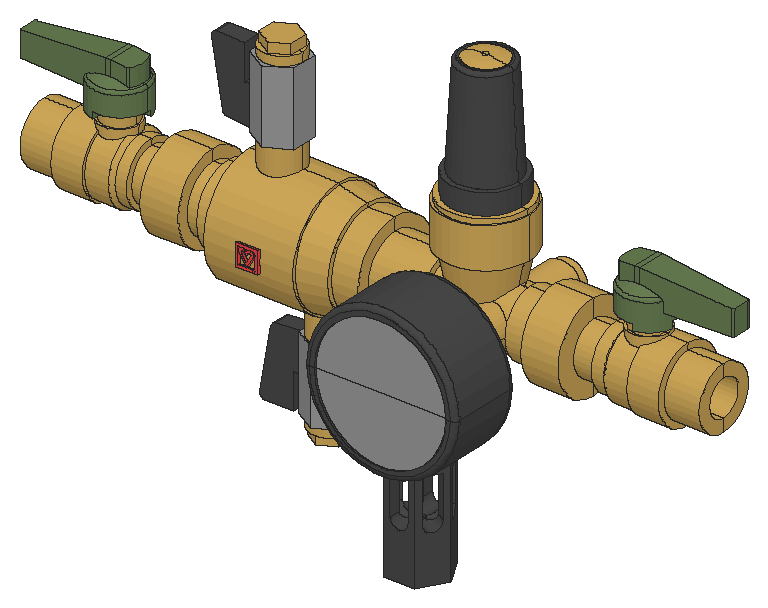
Revit family "Systemtrenner Nachfüll 0305", category Rohrzubehör, Revit 2020
Family settings
  Bemaßung runder Anschluss = Durchmesser verwenden
  Teiletyp = Unterbricht
  OmniClass-Nummer = 23.65.55.14
  OmniClass-Titel = Valves for Liquid Services
  Arbeitsebenenbasiert = Nein
  Immer vertikal = Ja
  Beim Laden mit Abzugskörper schneiden = Nein
  Gemeinsam genutzt = Nein
Parameters
  Vorgabe-Ansicht = 0.000 mm
  Voreingestellter Druck (werkseitig) = 150000.0 Pa  # constant formula
  W02 = 80.00°  # constant formula
  W01 = 45.00°  # constant formula
  URL = "www.herz-armaturen.at"
  SC_NennweiteBerechnet = 0
  SC_Dimension = ""
  SCTWSEQ = "AW;SBT_TYP_AW=\"104\";2"
  SCTWCODE = "04;12;02"  # constant formula
  S08 = 65.000 mm  # constant formula
  S07 = 75.000 mm  # constant formula
  S06 = 27.000 mm  # constant formula
  S05 = 8.000 mm  # constant formula
  S04 = 20.000 mm  # constant formula
  S03 = 40.000 mm  # constant formula
  S02 [instance] = L17 + L18 + L19 + L20 + L21  # 74.900 mm
  S01 [instance] = D02 - 2.000 mm  # 13.200 mm
  R08 = 8.500 mm  # constant formula
  R07 = 31.000 mm  # constant formula
  R06 = 7.300 mm  # constant formula
  R05 = 6.500 mm  # constant formula
  R04 = 7.500 mm  # constant formula
  R03 = 8.500 mm  # constant formula
  R02 = 7.000 mm  # constant formula
  R01 = 8.000 mm  # constant formula
  Nennweite [instance] = 15.000 mm
  Medium = "Wasser"  # constant formula
  Max. Betriebstemperatur (Kurzzeitig) = 85 °C  # constant formula
  Max. Betriebstemperatur = 65 °C  # constant formula
  Max. Betriebsdruck = 1000000.0 Pa  # constant formula
  L29 = 28.800 mm  # constant formula
  L28 = 85.300 mm  # constant formula
  L27 = 44.500 mm  # constant formula
  L26 = 48.500 mm  # constant formula
  L25 = 28.600 mm  # constant formula
  L24 = 10.100 mm  # constant formula
  L23 = 34.000 mm  # constant formula
  L22 = 22.000 mm  # constant formula
  L21 = 11.000 mm  # constant formula
  L20 = 12.000 mm  # constant formula
  L19 = 36.700 mm  # constant formula
  L18 = 8.700 mm  # constant formula
  L17 = 6.500 mm  # constant formula
  L16 = 70.500 mm  # constant formula
  L15 = 18.800 mm  # constant formula
  L14 = 30.000 mm  # constant formula
  L13 = 8.700 mm  # constant formula
  L12 = 4.800 mm  # constant formula
  L11 = 4.000 mm  # constant formula
  L10 = 23.300 mm  # constant formula
  L09 = 26.200 mm  # constant formula
  L08 = 15.500 mm  # constant formula
  L07 [instance] = size_lookup("0305_", "L7", 1.000 mm, Nennweite)  # 53.500 mm
  L06 [instance] = size_lookup("0305_", "L6", 1.000 mm, Nennweite)  # 30.700 mm
  L05 = 4.800 mm  # constant formula
  L04 = 10.000 mm  # constant formula
  L03 = 13.000 mm  # constant formula
  L02 [instance] = size_lookup("0305_", "L2", 1.000 mm, Nennweite)  # 14.600 mm
  L01 [instance] = size_lookup("0305_", "L1", 1.000 mm, Nennweite)  # 56.000 mm
  L00 [instance] = size_lookup("0305_", "L", 1.000 mm, Nennweite)  # 139.500 mm
  IG [instance] = Nennweite / 2  # 7.500 mm
  Hinweis = "Gemäß Art 33 der REACH-Verordnung (EG Nr. 1907/2006) sind wir verpflichtet, darauf hinzuweisen, dass der Stoff Blei auf der SVHC-Liste geführt wird und dass alle aus Messing bestehenden Bauteile, die in unseren Erzeugnissen verarbeitet sind, mehr als 0,1 % (w/w) Blei (CAS: 7439-92-1 / EINECS: 231-100-4) enthalten.\r\nDa Blei als Legierungsbestandteil fest gebunden ist, sind keine Expositionen zu erwarten und daher sind keine zusätzlichen Angaben zur sicheren Verwendung notwendig."
  Hersteller = "HERZ Armaturen Ges.m.b.H."  # constant formula
  Gehäuse = "Messing, CW617N"  # constant formula
  GT [instance] = size_lookup("0305_", "GT", 1.000 mm, Nennweite)  # 12.500 mm
  Einbaulage = "waagerecht"  # constant formula
  Dichtungen = "EPDM entsprechend KTW"  # constant formula
  D18 = 92.300 mm  # constant formula
  D17 = 66.500 mm  # constant formula
  D16 = 66.700 mm  # constant formula
  D15 = 12.200 mm  # constant formula
  D14 = 14.200 mm  # constant formula
  D13 = 19.200 mm  # constant formula
  D12 = 22.800 mm  # constant formula
  D11 = 23.700 mm  # constant formula
  D10 = 16.300 mm  # constant formula
  D09 = 13.500 mm  # constant formula
  D08 = 18.000 mm  # constant formula
  D07 = 22.000 mm  # constant formula
  D06 = 16.000 mm  # constant formula
  D05 = 10.600 mm  # constant formula
  D04 = 12.900 mm  # constant formula
  D03 = 14.400 mm  # constant formula
  D02 = 15.200 mm  # constant formula
  D01 [instance] = size_lookup("0305_", "D1", 1.000 mm, Nennweite)  # 12.600 mm
  Bestellnummer [instance] = if(Nennweite = 15.000 mm, "I030501", if(Nennweite = 20.000 mm, "I030502", "0"))  # "I030501"
  Ausgangsdruck (regelbar) = "0.5-3 bar"  # constant formula
  Anwendung = "Systemtrenner haben gemäß EN 1717 die Aufgabe ein Rückdrücken, Rückfließen oder Rücksaugen von verschmutztem Wasser in das Trinkwassernetz zu verhindern.\r\nDer Einsatzbereich ist überall dort wo eine Verbindung zwischen dem Trinkwassernetz und Nutzwasser durch feste oder flexible Leitungen hergestellt wird.\r\nBevorzugte Anwendungsgebiete sind Enthärtungs-, Entsäuerungs- und Entkarbonisierungsanlagen.\r\nAußerdem können die Systemtrenner in Desinfektionsanlagen oder vor chemischen Reinigungsapparaten eingesetzt werden um das Rückfließen von chemisch belastetem Wasser zu verhindern."
Reference planes
  plane 1 "Mitte (Vorne/hinten)": y = 0
  plane 2: z = 0
  plane 3 "Mitte (Links/rechts)": x = 0
Forms (mm)
  Revolve 1, solid, material "Messing, weicher Gelbton, geschweißt", detail levels fine
    sketch origin (0, 0, 0) x (1, 0, 0) y (0, 0, 1)
      loop
        line (-127, 0) -> (-83.5, 0) -> (-83.5, 10.6) -> (-95.6, 10.6) -> (-95.6, 12.9) -> (-100.4, 12.9) -> (-101.9, 14.4) -> (-111.9, 14.4) -> (-111.9, 15.2) -> (-124.9, 15.2) -> (-124.9, 12.6) -> (-139.5, 12.6) -> (-139.5, 7.5) -> (-127, 7.5) -> (-127, 0)
      axis (-139.5, 0) -> (-83.5, 0)
    angle from 0 to 360
  Revolve 2, solid, material "Messing, weicher Gelbton, geschweißt", detail levels fine
    sketch origin (0, 0, 0) x (1, 0, 0) y (0, 0, 1)
      loop
        line (-100.8, 0) -> (-100.8, 16) -> (-101.8, 16) -> (-101.8, 22) -> (-108.8, 22) -> (-108.8, 0) -> (-100.8, 0)
      axis (-108.8, 22) -> (-108.8, 0)
    angle from 0 to 360
  Revolve 3, solid, material "Messing, weicher Gelbton, geschweißt", detail levels fine
    sketch origin (0, 0, 0) x (-1, 0, 0) y (0, 0, 1)
      loop
        line (-127, 0) -> (-83.5, 0) -> (-83.5, 10.6) -> (-95.6, 10.6) -> (-95.6, 12.9) -> (-100.4, 12.9) -> (-101.9, 14.4) -> (-111.9, 14.4) -> (-111.9, 15.2) -> (-124.9, 15.2) -> (-124.9, 12.6) -> (-139.5, 12.6) -> (-139.5, 7.5) -> (-127, 7.5) -> (-127, 0)
      axis (-139.5, 0) -> (-83.5, 0)
    angle from 0 to 360
  Revolve 4, solid, material "Messing, weicher Gelbton, geschweißt", detail levels fine
    sketch origin (0, 0, 0) x (-1, 0, 0) y (0, 0, 1)
      loop
        line (-100.8, 0) -> (-100.8, 16) -> (-101.8, 16) -> (-101.8, 22) -> (-108.8, 22) -> (-108.8, 0) -> (-100.8, 0)
      axis (-108.8, 22) -> (-108.8, 0)
    angle from 0 to 360
  Revolve 5, solid, material "Kunststoff GRÜN", detail levels fine
    sketch origin (-98.3, 0, 19.6) x (1, 0, 0) y (0, 0, 1)
      loop
        line (-10.5, 0) -> (0.9, 0) -> (0.9, 10.964)
        arc (0.9, 10.964) -> (0.673, 11.758) -> (0.059, 12.311) r 1.5
        line (0.059, 12.311) -> (-8.5, 16.5) -> (-10.5, 16.5) -> (-10.5, 0)
      axis (-10.5, 16.5) -> (-10.5, 0)
    angle from 0 to 360
  Extrusion 6, void
    sketch origin (-98.3, 0, 0) x (1, 0, 0) y (0, 1, 0)
      loop
        arc (-8.4, 11.205) -> (-18.561, 8.061) -> (-21.705, -2.1) r 11.4
        line (-21.705, -2.1) -> (-17.178, -2.1)
        arc (-17.178, -2.1) -> (-15.45, -4.95) -> (-12.6, -6.678) r 7
        line (-12.6, -6.678) -> (-12.6, -11.205)
        arc (-12.6, -11.205) -> (-2.439, -8.061) -> (0.705, 2.1) r 11.4
        line (0.705, 2.1) -> (-3.822, 2.1)
        arc (-3.822, 2.1) -> (-5.55, 4.95) -> (-8.4, 6.678) r 7
        line (-8.4, 6.678) -> (-8.4, 11.205)
    from 19.6 to 22.3
  Extrusion 7, solid, material "Kunststoff GRÜN", detail levels fine
    sketch origin (-98.3, 0, 0) x (1, 0, 0) y (0, 1, 0)
      loop
        line (-48.5, 3.242) -> (-48.5, -3.242)
        arc (-48.5, -3.242) -> (-48.281, -3.792) -> (-47.743, -4.041) r 0.8
        line (-47.743, -4.041) -> (-11.5, -5.987) -> (-9.5, -5.987) -> (-3.01, -5.535)
        arc (-3.01, -5.535) -> (-2.552, -5.387) -> (-2.216, -5.042) r 1
        arc (-2.216, -5.042) -> (-0.852, 0) -> (-2.216, 5.042) r 10
        arc (-2.216, 5.042) -> (-2.552, 5.387) -> (-3.01, 5.535) r 1
        line (-3.01, 5.535) -> (-9.5, 5.987) -> (-10.5, 5.987) -> (-11.5, 5.987) -> (-47.743, 4.041)
        arc (-47.743, 4.041) -> (-48.281, 3.792) -> (-48.5, 3.242) r 0.8
    from 26.6 to 40.1
  Extrusion 8, void
    sketch origin (-108.8, 0, 0) x (1, 0, 0) y (0, 0, 1)
      loop
        line (1, 40.1) -> (10.462, 39.272) -> (10.462, 41.682) -> (-40.279, 41.682) -> (-40.279, 36.664) -> (-1, 40.1) -> (0, 40.1) -> (1, 40.1)
    from 8 to -8
  Revolve 9, solid, material "Kunststoff GRÜN", detail levels fine
    sketch origin (98.3, 0, 19.6) x (-1, 0, 0) y (0, 0, -1)
      loop
        line (-10.5, 0) -> (-10.5, -16.5) -> (-8.5, -16.5) -> (0.059, -12.311)
        arc (0.059, -12.311) -> (0.673, -11.758) -> (0.9, -10.964) r 1.5
        line (0.9, -10.964) -> (0.9, 0) -> (-10.5, 0)
      axis (-10.5, -16.5) -> (-10.5, 0)
    angle from 0 to 360
  Extrusion 10, void
    sketch origin (98.3, 0, 0) x (-1, 0, 0) y (0, -1, 0)
      loop
        line (-8.4, -11.205) -> (-8.4, -6.678)
        arc (-8.4, -6.678) -> (-5.55, -4.95) -> (-3.822, -2.1) r 7
        line (-3.822, -2.1) -> (0.705, -2.1)
        arc (0.705, -2.1) -> (-2.439, 8.061) -> (-12.6, 11.205) r 11.4
        line (-12.6, 11.205) -> (-12.6, 6.678)
        arc (-12.6, 6.678) -> (-15.45, 4.95) -> (-17.178, 2.1) r 7
        line (-17.178, 2.1) -> (-21.705, 2.1)
        arc (-21.705, 2.1) -> (-18.561, -8.061) -> (-8.4, -11.205) r 11.4
    from 19.6 to 22.3
  Extrusion 11, solid, material "Kunststoff GRÜN", detail levels fine
    sketch origin (98.3, 0, 0) x (-1, 0, 0) y (0, -1, 0)
      loop
        arc (-48.5, -3.242) -> (-48.281, -3.792) -> (-47.743, -4.041) r 0.8
        line (-47.743, -4.041) -> (-11.5, -5.987) -> (-10.5, -5.987) -> (-9.5, -5.987) -> (-3.01, -5.535)
        arc (-3.01, -5.535) -> (-2.552, -5.387) -> (-2.216, -5.042) r 1
        arc (-2.216, -5.042) -> (-0.852, 0) -> (-2.216, 5.042) r 10
        arc (-2.216, 5.042) -> (-2.552, 5.387) -> (-3.01, 5.535) r 1
        line (-3.01, 5.535) -> (-9.5, 5.987) -> (-11.5, 5.987) -> (-47.743, 4.041)
        arc (-47.743, 4.041) -> (-48.281, 3.792) -> (-48.5, 3.242) r 0.8
        line (-48.5, 3.242) -> (-48.5, -3.242)
    from 26.6 to 40.1
  Extrusion 12, void
    sketch origin (108.8, 0, 0) x (-1, 0, 0) y (0, 0, -1)
      loop
        line (1, -40.1) -> (0, -40.1) -> (-1, -40.1) -> (-40.279, -36.664) -> (-40.279, -41.682) -> (10.462, -41.682) -> (10.462, -39.272) -> (1, -40.1)
    from 8 to -8
  Revolve 13, solid, material "Messing, weicher Gelbton, geschweißt", detail levels fine
    sketch origin (0, 0, 0) x (1, 0, 0) y (0, 0, 1)
      loop
        line (-86, 0) -> (-70.5, 0) -> (-70.5, 18) -> (-86, 18) -> (-86, 0)
      axis (-86, 0) -> (-70.5, 0)
    angle from 0 to 360
  Revolve 14, solid, material "Messing, weicher Gelbton, geschweißt", detail levels fine
    sketch origin (0, 0, 0) x (-1, 0, 0) y (0, 0, 1)
      loop
        line (-86, 0) -> (-70.5, 0) -> (-70.5, 18) -> (-86, 18) -> (-86, 0)
      axis (-86, 0) -> (-70.5, 0)
    angle from 0 to 360
  Revolve 15, solid, material "Messing, weicher Gelbton, geschweißt", detail levels fine
    sketch origin (0, 0, 0) x (1, 0, 0) y (0, 1, 0)
      loop
        line (59.2, 26.2) -> (59.2, 30.2) -> (51.7, 30.2) -> (51.7, -28.1) -> (58.2, -28.1) -> (58.2, -23.3) -> (60.2, -23.3) -> (60.2, 26.2) -> (59.2, 26.2)
      axis (51.7, 30.2) -> (51.7, -28.1)
    angle from 0 to 360
  Revolve 16, solid, material "Kunststoff - SCHWARZ", detail levels fine
    sketch origin (0, 0, 0) x (1, 0, 0) y (0, 1, 0)
      loop
        line (51.7, -28.1) -> (51.7, -64.8) -> (78.7, -64.8) -> (78.7, -66.8) -> (80.7, -66.8)
        arc (80.7, -66.8) -> (82.114, -66.214) -> (82.7, -64.8) r 2
        line (82.7, -64.8) -> (82.7, -38.8)
        arc (82.7, -38.8) -> (82.114, -37.386) -> (80.7, -36.8) r 2
        line (80.7, -36.8) -> (59, -36.8) -> (59, -28.1) -> (51.7, -28.1)
      axis (51.7, -28.1) -> (51.7, -66.8)
    angle from 0 to 360
  Revolve 17, solid, material "Messing, weicher Gelbton, geschweißt", detail levels fine
    sketch origin (0, 0, 0) x (1, 0, 0) y (0, 0, 1)
      loop
        line (-70.5, 0) -> (70.5, 0) -> (70.5, 13.5) -> (60.4, 13.5) -> (60.4, 12.2) -> (26.4, 12.2) -> (26.4, 14.2) -> (4.4, 14.2) -> (4.4, 19.2) -> (-6.6, 19.2) -> (-6.6, 20.684) -> (-18.6, 22.8) -> (-18.6, 23.7) -> (-55.3, 23.7) -> (-55.3, 16.3) -> (-64, 16.3) -> (-64, 13.5) -> (-70.5, 13.5) -> (-70.5, 0)
      axis (-70.5, 0) -> (70.5, 0)
    angle from 0 to 360
  Revolve 18, solid, material "Messing, weicher Gelbton, geschweißt", detail levels fine
    sketch origin (0, 0, 0) x (1, 0, 0) y (0, 0, 1)
      loop
        line (-41.9, 0) -> (-33.4, 0) -> (-33.4, 66.7) -> (-41.9, 66.7) -> (-41.9, 0)
      axis (-41.9, 0) -> (-41.9, 66.7)
    angle from 0 to 360
  Revolve 19, solid, material "Messing, weicher Gelbton, geschweißt", detail levels fine
    sketch origin (0, 0, 0) x (1, 0, 0) y (0, 0, -1)
      loop
        line (-22, 0) -> (-13.5, 0) -> (-13.5, 66.7) -> (-22, 66.7) -> (-22, 0)
      axis (-22, 0) -> (-22, 66.7)
    angle from 0 to 360
  Extrusion 20, solid, material "Messing, weicher Gelbton, geschweißt", detail levels fine
    sketch origin (0, 0, 0) x (1, 0, 0) y (0, 1, 0)
      loop
        line (-41.9, 7.5) -> (-48.395, 3.75) -> (-48.395, -3.75) -> (-41.9, -7.5) -> (-35.405, -3.75) -> (-35.405, 3.75) -> (-41.9, 7.5)
    from 66.7 <- "D16" to 70.7
  Extrusion 21, solid, material "Messing, weicher Gelbton, geschweißt", detail levels fine
    sketch origin (0, 0, 0) x (1, 0, 0) y (0, 1, 0)
      loop
        line (-22, 7.5) -> (-28.495, 3.75) -> (-28.495, -3.75) -> (-22, -7.5) -> (-15.505, -3.75) -> (-15.505, 3.75) -> (-22, 7.5)
    from -70.7 to -66.7
  Extrusion 22, solid, material "Aluminium 3003-H16", detail levels fine
    sketch origin (0, 0, 0) x (1, 0, 0) y (0, 1, 0)
      loop
        line (-41.9, 10.5) -> (-50.993, 5.25) -> (-50.993, -5.25) -> (-41.9, -10.5) -> (-32.807, -5.25) -> (-32.807, 5.25) -> (-41.9, 10.5)
    from 33.3 to 63.3
  Extrusion 23, solid, material "Aluminium 3003-H16", detail levels fine
    sketch origin (0, 0, 0) x (1, 0, 0) y (0, 1, 0)
      loop
        line (-22, 10.5) -> (-31.093, 5.25) -> (-31.093, -5.25) -> (-22, -10.5) -> (-12.907, -5.25) -> (-12.907, 5.25) -> (-22, 10.5)
    from -63.3 to -33.3
  Extrusion 24, solid, material "Kunststoff - SCHWARZ", detail levels fine
    sketch origin (0, 0, 0) x (1, 0, 0) y (0, 0, 1)
      loop
        line (-31.093, -33.8) -> (-41.854, -34.675)
        arc (-41.854, -34.675) -> (-43.039, -35.189) -> (-43.662, -36.321) r 2
        line (-43.662, -36.321) -> (-48.186, -61.952)
        arc (-48.186, -61.952) -> (-47.748, -63.585) -> (-46.216, -64.3) r 2
        line (-46.216, -64.3) -> (-34.4, -64.3) -> (-34.4, -49.8) -> (-22, -49.8) -> (-22, -33.8) -> (-31.093, -33.8)
    from -3.5 to 3.5
  Extrusion 25, solid, material "Kunststoff - SCHWARZ", detail levels fine
    sketch origin (-20, 0, 0) x (1, 0, 0) y (0, 0, 1)
      loop
        line (-31.093, 33.8) -> (-22, 33.8) -> (-22, 49.8) -> (-34.4, 49.8) -> (-34.4, 64.3) -> (-46.216, 64.3)
        arc (-46.216, 64.3) -> (-47.748, 63.585) -> (-48.186, 61.952) r 2
        line (-48.186, 61.952) -> (-43.662, 36.321)
        arc (-43.662, 36.321) -> (-43.039, 35.189) -> (-41.854, 34.675) r 2
        line (-41.854, 34.675) -> (-31.093, 33.8)
    from -3.5 to 3.5
  Revolve 26, solid, material "Messing, weicher Gelbton, geschweißt", detail levels fine
    sketch origin (0, 0, 0) x (1, 0, 0) y (0, 0, 1)
      loop
        line (-26, 0) -> (9.709, -35.709) -> (14.517, -30.901) -> (13.103, -29.486) -> (14.164, -28.426) -> (11.335, -25.597) -> (12.042, -24.89) -> (-19.424, 6.576) -> (-26, 0)
      axis (-26, 0) -> (9.709, -35.709)
    angle from 0 to 360
  Revolve 27, solid, material "Messing, weicher Gelbton, geschweißt", detail levels fine
    sketch origin (0, 0, 0) x (1, 0, 0) y (0, 0, 1)
      loop
        line (14.8, -48) -> (14.8, -66.5) -> (21.3, -66.5) -> (21.3, -65.5) -> (24.6, -65.5) -> (24.6, -54) -> (23.1, -54) -> (23.1, -50) -> (21.6, -50) -> (21.6, -48) -> (14.8, -48)
      axis (14.8, -48) -> (14.8, -66.5)
    angle from 0 to 360
  SweptBlend 28, solid, material "Messing, weicher Gelbton, geschweißt", detail levels fine
    path origin (0, 0, 0) x (1, 0, 0) y (0, 0, 1)
      loop
        arc (14.8, -48) -> (13.5, -41.338) -> (9.709, -35.709) r 17.079
    profile origin (14.8, 0, -48) x (-0.999973, 0, 0.007372) y (0, -1, 0)
      loop
        circle (0, 0) r 6.8
    end profile origin (9.709, 0, -35.709) x (-0.701878, 0, -0.712297) y (0, -1, 0)
      loop
        circle (0, 0) r 6.8
  Extrusion 29, solid, material "Kunststoff - SCHWARZ", detail levels fine
    sketch origin (1.983, -7.4, 0) x (0.866025, 0.5, 0) y (-0.5, 0.866025, 0)
      loop
        line (14.8, 12.5) -> (3.975, 6.25) -> (3.975, -6.25) -> (14.8, -12.5) -> (25.625, -6.25) -> (25.625, 6.25) -> (14.8, 12.5)
    from -107 to -58
  Extrusion 30, void
    sketch origin (0, 0, 0) x (1, 0, 0) y (0, 0, 1)
      loop
        line (11.05, -66.5) -> (11.05, -84.05)
        arc (11.05, -84.05) -> (14.8, -87.8) -> (18.55, -84.05) r 3.75
        line (18.55, -84.05) -> (18.55, -66.5) -> (11.05, -66.5)
    from 1 to 12
  Extrusion 31, void
    sketch origin (22.2, 12.817, 0) x (-0.5, -0.866025, 0) y (0, 0, -1)
      loop
        line (11.05, 66.5) -> (18.55, 66.5) -> (18.55, 84.05)
        arc (18.55, 84.05) -> (14.8, 87.8) -> (11.05, 84.05) r 3.75
        line (11.05, 84.05) -> (11.05, 66.5)
    from -12 to -1
  Extrusion 32, void
    sketch origin (22.2, -12.817, 0) x (-0.5, 0.866025, 0) y (0, 0, 1)
      loop
        line (11.05, -66.5) -> (11.05, -84.05)
        arc (11.05, -84.05) -> (14.8, -87.8) -> (18.55, -84.05) r 3.75
        line (18.55, -84.05) -> (18.55, -66.5) -> (11.05, -66.5)
    from -12 to -1
  Extrusion 33, void
    sketch origin (0, 0, 0) x (1, 0, 0) y (0, 0, 1)
      loop
        line (11.05, -66.5) -> (11.05, -84.05)
        arc (11.05, -84.05) -> (14.8, -87.8) -> (18.55, -84.05) r 3.75
        line (18.55, -84.05) -> (18.55, -66.5) -> (11.05, -66.5)
    from -12 to -1
  Extrusion 34, void
    sketch origin (22.2, -12.817, 0) x (-0.5, 0.866025, 0) y (0, 0, -1)
      loop
        line (11.05, 66.5) -> (18.55, 66.5) -> (18.55, 84.05)
        arc (18.55, 84.05) -> (14.8, 87.8) -> (11.05, 84.05) r 3.75
        line (11.05, 84.05) -> (11.05, 66.5)
    from -12 to -1
  Extrusion 35, void
    sketch origin (22.2, 12.817, 0) x (-0.5, -0.866025, 0) y (0, 0, 1)
      loop
        line (11.05, -66.5) -> (11.05, -84.05)
        arc (11.05, -84.05) -> (14.8, -87.8) -> (18.55, -84.05) r 3.75
        line (18.55, -84.05) -> (18.55, -66.5) -> (11.05, -66.5)
    from -12 to -1
  Extrusion 36, void
    sketch origin (0, 0, 0) x (1, 0, 0) y (0, 1, 0)
      loop
        circle (14.8, 0) r 2
    from -88.4 to -66.5
  Revolve 37, solid, material "Messing, weicher Gelbton, geschweißt", detail levels fine
    sketch origin (0, 0, 0) x (1, 0, 0) y (0, 0, 1)
      loop
        line (41.7, 0) -> (52.967, 0) -> (57.7, 22.6) -> (59.7, 22.6) -> (59.7, 39.2) -> (58.9, 39.2) -> (58.9, 41.2) -> (41.7, 41.2) -> (41.7, 0)
      axis (41.7, 41.2) -> (41.7, 0)
    angle from 0 to 360
  Revolve 38, solid, material "Kunststoff - SCHWARZ", detail levels fine
    sketch origin (0, 0, 0) x (1, 0, 0) y (0, 0, 1)
      loop
        line (41.7, 41.2) -> (56.7, 41.2) -> (56.7, 49.7) -> (54.7, 49.7) -> (52.769, 89.772)
        arc (52.769, 89.772) -> (52.305, 90.786) -> (51.271, 91.2) r 1.5
        line (51.271, 91.2) -> (41.7, 91.2) -> (41.7, 41.2)
      axis (41.7, 91.2) -> (41.7, 41.2)
    angle from 0 to 360
  Revolve 39, solid, material "Messing, weicher Gelbton, geschweißt", detail levels fine
    sketch origin (0, 0, 0) x (1, 0, 0) y (0, 0, 1)
      loop
        line (41.7, 90.224) -> (50.2, 90.224) -> (50.2, 91.262)
        arc (50.2, 91.262) -> (46.695, 92.029) -> (43.118, 92.3) r 25.716
        line (43.118, 92.3) -> (41.7, 92.3) -> (41.7, 90.224)
      axis (41.7, 92.3) -> (41.7, 90.224)
    angle from 0 to 360
  Revolve 40, solid, material "Acetalharz, Weiß", detail levels fine
    sketch origin (0, 0, 0) x (1, 0, 0) y (0, 1, 0)
      loop
        line (51.7, -64.8) -> (51.7, -66.3) -> (78.7, -66.3) -> (78.7, -64.8) -> (51.7, -64.8)
      axis (51.7, -66.3) -> (51.7, -64.8)
    angle from 0 to 360
Cuts and joins
  Extrusion 6, Extrusion 10 cuts Revolve 5
  Extrusion 8, Extrusion 12 cuts Extrusion 7
  Extrusion 10 cuts Revolve 2
  Extrusion 10 cuts Revolve 9
  Extrusion 12 cuts Extrusion 11
  Extrusion 30, Extrusion 31, Extrusion 32, Extrusion 33, Extrusion 34, Extrusion 35, Extrusion 36 cuts Revolve 27
  Extrusion 30, Extrusion 31, Extrusion 32, Extrusion 33, Extrusion 34, Extrusion 35, Extrusion 36 cuts Extrusion 29
Lines and regions (mm)
  model lines
    curve 1: line (-70.5, 0, 0) -> (4.4, 0, 0)
  model lines, detail levels coarse+medium
    curve 2: line (-139.5, 0, 15.2) -> (-139.5, 0, -15.2)
    curve 3: line (-139.5, 0, -15.2) -> (-83.5, 0, 15.2)
    curve 4: line (-83.5, 0, 15.2) -> (-83.5, 0, -15.2)
    curve 5: line (-83.5, 0, -15.2) -> (-139.5, 0, 15.2)
    curve 6: circle (-111.5, 0, 0) r 13.2 normal (0, -1, 0)
    curve 7: line (139.5, 0, 15.2) -> (139.5, 0, -15.2)
    curve 8: line (139.5, 0, -15.2) -> (83.5, 0, 15.2)
    curve 9: line (83.5, 0, 15.2) -> (83.5, 0, -15.2)
    curve 10: line (83.5, 0, -15.2) -> (139.5, 0, 15.2)
    curve 11: circle (111.5, 0, 0) r 13.2 normal (0, 1, 0)
    curve 12: line (-70.5, 0, 23.7) -> (4.4, 0, 23.7)
    curve 13: line (-70.5, 0, -23.7) -> (-70.5, 0, 23.7)
    curve 14: line (4.4, 0, -23.7) -> (-70.5, 0, -23.7)
    curve 15: line (4.4, 0, 23.7) -> (4.4, 0, -23.7)
    curve 16: line (-83.5, 0, 0) -> (-70.5, 0, 0)
    curve 17: line (-70.5, 0, 15.7) -> (-30.5, 0, 15.7)
    curve 18: line (-15.6, 0, 15.7) -> (4.4, 0, 15.7)
    curve 19: line (-70.5, 0, -15.7) -> (-30.5, 0, -15.7)
    curve 20: line (-15.6, 0, -15.7) -> (4.4, 0, -15.7)
    curve 21: line (4.4, 0, 0) -> (83.5, 0, 0)
    curve 22: circle (51.592, 0, 47) r 27 normal (0, -1, 0)
    curve 23: line (35.682, 0, 31.09) -> (67.502, 0, 62.91)
    curve 24: line (67.502, 0, 62.91) -> (67.502, 0, 52.91)
    curve 25: line (67.502, 0, 62.91) -> (57.502, 0, 62.91)
    curve 26: line (51.592, 0, 20) -> (51.592, 0, 0)
    curve 27: line (4.4, 0, -23.7) -> (4.4, 0, -75)
    curve 28: line (-8.1, 0, -65) -> (16.9, 0, -65)
    curve 29: line (-139.5, 15.2, 0) -> (-139.5, -15.2, 0)
    curve 30: line (-139.5, -15.2, 0) -> (-83.5, 15.2, 0)
    curve 31: line (-83.5, 15.2, 0) -> (-83.5, -15.2, 0)
    curve 32: line (-83.5, -15.2, 0) -> (-139.5, 15.2, 0)
    curve 33: circle (-111.5, 0, 0) r 13.2 normal (0, 0, 1)
    curve 34: line (139.5, 15.2, 0) -> (139.5, -15.2, 0)
    curve 35: line (139.5, -15.2, 0) -> (83.5, 15.2, 0)
    curve 36: line (83.5, 15.2, 0) -> (83.5, -15.2, 0)
    curve 37: line (83.5, -15.2, 0) -> (139.5, 15.2, 0)
    curve 38: circle (111.5, 0, 0) r 13.2 normal (0, 0, -1)
    curve 39: circle (41.3, 36.063, 0) r 27 normal (0, 0, 1)
    curve 40: line (25.39, 20.154, 0) -> (57.21, 51.973, 0)
    curve 41: line (57.21, 51.973, 0) -> (57.21, 41.973, 0)
    curve 42: line (57.21, 51.973, 0) -> (47.21, 51.973, 0)
    curve 43: line (41.3, 9.063, 0) -> (41.3, 0, 0)
    curve 44: line (-70.5, 23.7, 0) -> (4.4, 23.7, 0)
    curve 45: line (-70.5, -23.7, 0) -> (-70.5, 23.7, 0)
    curve 46: line (4.4, -23.7, 0) -> (-70.5, -23.7, 0)
    curve 47: line (4.4, 23.7, 0) -> (4.4, -23.7, 0)
    curve 48: line (-70.5, 15.7, 0) -> (-30.5, 15.7, 0)
    curve 49: line (4.4, 15.7, 0) -> (-15.6, 15.7, 0)
    curve 50: line (-70.5, -15.7, 0) -> (-30.5, -15.7, 0)
    curve 51: line (4.4, -15.7, 0) -> (-15.6, -15.7, 0)
    curve 52: line (4.4, -23.7, 0) -> (4.4, -75, 0)
    curve 53: line (-8.1, -65, 0) -> (16.9, -65, 0)
Dimensions and locks
  "IG": Revolve 1 sketch curve to plane 2
  "L01": Revolve 1 sketch curve to Revolve 1 sketch curve
  "L02": Revolve 1 sketch curve to Revolve 1 sketch curve
  "L03": Revolve 1 sketch curve to Revolve 1 sketch curve
  "L04": Revolve 1 sketch curve to Revolve 1 sketch curve
  "L05": Revolve 1 sketch curve to Revolve 1 sketch curve
  "D01": Revolve 1 sketch curve to plane 2
  "D02": Revolve 1 sketch curve to Revolve 1 sketch curve
  "D03": Revolve 1 sketch curve to plane 2
  "D04": Revolve 1 sketch curve to plane 2
  "D05": Revolve 1 sketch curve to plane 2
  "R01": Revolve 2 sketch curve to Revolve 2 sketch curve
  "L06": Revolve 1 to Revolve 2 sketch curve
  "D06": Revolve 2 sketch curve to plane 2
  "R02": Revolve 2 sketch curve to Revolve 2 sketch curve
  "D07": Revolve 2 sketch curve to plane 2
  "L00": plane 3 "Mitte (Links/rechts)" to Revolve 1 sketch curve
  "L01": Revolve 3 sketch curve to Revolve 3 sketch curve
  "L02": Revolve 3 sketch curve to Revolve 3 sketch curve
  "L03": Revolve 3 sketch curve to Revolve 3 sketch curve
  "L04": Revolve 3 sketch curve to Revolve 3 sketch curve
  "L05": Revolve 3 sketch curve to Revolve 3 sketch curve
  "D02": Revolve 3 sketch curve to Revolve 3 sketch curve
  "R01": Revolve 4 sketch curve to Revolve 4 sketch curve
  "L06": Revolve 3 to Revolve 4 sketch curve
  "R02": Revolve 4 sketch curve to Revolve 4 sketch curve
  "L00": plane 3 "Mitte (Links/rechts)" to Revolve 3 sketch curve
  "L06": Revolve 5 sketch curve to Revolve 1
  cut or joined group of Revolve 5, Extrusion 6, Extrusion 10 to plane 2 = 22.300 mm
  Extrusion 10 to plane 2 = 22.300 mm
  "L06": Revolve 9 sketch curve to Revolve 3
  "L07": Revolve 13 sketch curve to Revolve 1
  "L08": Revolve 13 sketch curve to Revolve 13 sketch curve
  "D08": Revolve 13 sketch curve to plane 2
  "L08": Revolve 14 sketch curve to Revolve 14 sketch curve
  "L07": Revolve 14 sketch curve to Revolve 3
  "D08": Revolve 14 sketch curve to plane 2
  "IG": Revolve 3 sketch curve to plane 2
  "D01": Revolve 3 sketch curve to plane 2
  "D05": Revolve 3 sketch curve to plane 2
  "D04": Revolve 3 sketch curve to plane 2
  "D03": Revolve 3 sketch curve to plane 2
  "D06": Revolve 4 sketch curve to plane 2
  "D07": Revolve 4 sketch curve to plane 2
  "L06": Extrusion 11 sketch curve to Revolve 3
  "L06": Revolve 1 to Extrusion 7 sketch curve
  cut or joined group of Extrusion 7, Extrusion 8, Extrusion 12 to Extrusion 7 sketch curve = 38.000 mm
  Extrusion 11 sketch curve to cut or joined group of Extrusion 11, Extrusion 12 = 38.000 mm
  "L06": Revolve 1 to Extrusion 8 sketch curve
  "L06": Extrusion 12 sketch curve to Revolve 3
  "R03": Revolve 15 sketch curve to Revolve 15 sketch curve
  "L09": plane 1 "Mitte (Vorne/hinten)" to Revolve 15 sketch curve
  "L10": Revolve 15 sketch curve to plane 1 "Mitte (Vorne/hinten)"
  "R04": Revolve 15 sketch curve to Revolve 15 sketch curve
  "L11": Revolve 15 sketch curve to Revolve 15 sketch curve
  "R05": Revolve 15 sketch curve to Revolve 15 sketch curve
  "L15": Revolve 15 sketch curve to Revolve 14
  "L12": Revolve 15 sketch curve to Revolve 15 sketch curve
  "R06": Revolve 15 sketch curve to Revolve 16 sketch curve
  "L13": Revolve 16 sketch curve to Revolve 16 sketch curve
  "R07": Revolve 15 sketch curve to Revolve 16 sketch curve
  "L14": Revolve 16 sketch curve to Revolve 16 sketch curve
  "R07": Revolve 16 sketch curve to Revolve 16 sketch curve
  Revolve 16 sketch curve to Revolve 16 sketch curve = 7.300 mm
  "GT": Revolve 1 sketch curve to Revolve 1 sketch curve
  "GT": Revolve 3 sketch curve to Revolve 3 sketch curve
  "L16": plane 3 "Mitte (Links/rechts)" to Revolve 17 sketch curve
  "L17": Revolve 17 sketch curve to Revolve 17 sketch curve
  "L18": Revolve 17 sketch curve to Revolve 17 sketch curve
  "L19": Revolve 17 sketch curve to Revolve 17 sketch curve
  "L20": Revolve 17 sketch curve to Revolve 17 sketch curve
  "L21": Revolve 17 sketch curve to Revolve 17 sketch curve
  "L22": Revolve 17 sketch curve to Revolve 17 sketch curve
  "L23": Revolve 17 sketch curve to Revolve 17 sketch curve
  "L24": Revolve 17 sketch curve to Revolve 17 sketch curve
  "D09": Revolve 17 sketch curve to plane 2  (x2)
  "D10": Revolve 17 sketch curve to plane 2
  "D11": Revolve 17 sketch curve to plane 2
  "D15": Revolve 17 sketch curve to plane 2
  "D14": Revolve 17 sketch curve to plane 2
  "D13": Revolve 17 sketch curve to plane 2
  "D12": Revolve 17 sketch curve to plane 2
  "L06": Revolve 1 to Extrusion 6 sketch curve
  "L06": Extrusion 10 sketch curve to Revolve 3
  "L25": Revolve 13 to Revolve 18 sketch curve
  "R08": Revolve 18 sketch curve to Revolve 18 sketch curve
  "D16": Revolve 18 sketch curve to plane 2
  "R08": Revolve 19 sketch curve to Revolve 19 sketch curve
  "L26": Revolve 13 to Revolve 19 sketch curve
  "D16": plane 2 to Revolve 19 sketch curve
  "L25": Revolve 13 to Extrusion 20 sketch curve
  "L26": Revolve 13 to Extrusion 21 sketch curve
  "L25": Revolve 13 to Extrusion 22 sketch curve
  "L26": Revolve 13 to Extrusion 23 sketch curve
  "L27": Revolve 13 to Revolve 26 sketch curve
  "L28": Revolve 13 to Revolve 27 sketch curve
  "L29": Revolve 37 sketch curve to Revolve 14
  "D18": Revolve 39 sketch curve to plane 2
  Revolve 37 sketch curve to Revolve 37 sketch curve = 11.267 mm
  "D11": nested 1 to plane 1 "Mitte (Vorne/hinten)"
  "D02": curve 5 to plane 2 to curve 3
  "D02": curve 4 to plane 2 to curve 5
  "L00": plane 3 "Mitte (Links/rechts)" to curve 2
  "L01": curve 2 to curve 4
  "D02": curve 10 to plane 2 to curve 8
  "D02": curve 9 to plane 2 to curve 10
  "L00": curve 7 to plane 3 "Mitte (Links/rechts)"
  "L01": curve 9 to curve 7
  "L16": plane 3 "Mitte (Links/rechts)" to curve 13
  "S02": curve 15 to curve 13
  "D11": curve 12 to plane 2 to curve 14
  "S05": curve 19 to curve 14
  "S05": curve 12 to curve 17
  "S05": curve 12 to curve 18
  "S05": curve 20 to curve 14
  "S04": curve 18 to curve 15
  "S03": curve 17 to curve 13
  "S03": curve 19 to curve 13
  "S04": curve 20 to curve 15
  "S07": plane 2 to curve 27
  "S08": plane 2 to curve 28
  "L00": curve 29 to plane 3 "Mitte (Links/rechts)"
  "L01": curve 29 to curve 31
  "D02": curve 30 to plane 1 "Mitte (Vorne/hinten)" to curve 32
  "D02": curve 32 to plane 1 "Mitte (Vorne/hinten)" to curve 31
  equal spacing: curve 29, curve 33, curve 31
  equal spacing: curve 2, curve 6, curve 4
  equal spacing: curve 9, curve 11, curve 7
  "L01": curve 34 to curve 36
  "D02": curve 35 to plane 1 "Mitte (Vorne/hinten)" to curve 37
  "D02": curve 37 to plane 1 "Mitte (Vorne/hinten)" to curve 36
  equal spacing: curve 34, curve 38, curve 36
  "L00": plane 3 "Mitte (Links/rechts)" to curve 34
  "L16": curve 45 to plane 3 "Mitte (Links/rechts)"
  "S02": curve 45 to curve 47
  "D11": curve 46 to plane 1 "Mitte (Vorne/hinten)" to curve 44
  "S05": curve 48 to curve 44
  "S05": curve 44 to curve 49
  "S05": curve 51 to curve 46
  "S05": curve 46 to curve 50
  "S03": curve 45 to curve 48
  "S04": curve 49 to curve 47
  "S04": curve 51 to curve 47
  "S03": curve 45 to curve 50
  "S07": curve 52 to plane 1 "Mitte (Vorne/hinten)"
  "S08": curve 53 to plane 1 "Mitte (Vorne/hinten)"
  radius of cut or joined group of Extrusion 7, Extrusion 8, Extrusion 12 = 10.000 mm
  radius of cut or joined group of Extrusion 11, Extrusion 12 = 10.000 mm
  "S01": radius of curve 6
  "S01": radius of curve 11
  "S06": radius of curve 22
  "S01": radius of curve 33
  "S01": radius of curve 38
  "S06": radius of curve 39
  "W01": angle Revolve 1 sketch curve to Revolve 1 sketch curve
  "W01": angle Revolve 3 sketch curve to Revolve 3 sketch curve
  "W02": angle Revolve 17 sketch curve to Revolve 17 sketch curve
  "W01": angle Revolve 26 sketch curve to plane 2
  "W01": angle curve 23 to curve 24
  "W01": angle curve 25 to curve 23
  "W01": angle curve 40 to curve 41
  "W01": angle curve 42 to curve 40
  aligned and locked: level to plane 2
Automatic sketch dimensions
  Extrusion 24 sketch curve to plane 3 "Mitte (Links/rechts)" = 48.186 mm
  Extrusion 24 sketch curve to Extrusion 24 sketch curve = 1.970 mm  (x2)
  Extrusion 24 sketch curve to Extrusion 24 sketch curve = 4.524 mm
  Extrusion 24 sketch curve to Extrusion 24 sketch curve = 1.807 mm
  Extrusion 24 sketch curve to Extrusion 24 sketch curve = 7.292 mm
  Extrusion 24 sketch curve to Extrusion 24 sketch curve = 10.761 mm
  Extrusion 24 sketch curve to Extrusion 24 sketch curve = 12.400 mm
  Extrusion 24 sketch curve to level = 64.300 mm
  Extrusion 24 sketch curve to Extrusion 24 sketch curve = 2.000 mm
  Extrusion 24 sketch curve to Extrusion 24 sketch curve = 14.500 mm
  Extrusion 24 sketch curve to Extrusion 24 sketch curve = 13.132 mm
  Extrusion 24 sketch curve to Extrusion 24 sketch curve = 0.348 mm
  Extrusion 24 sketch curve to Extrusion 24 sketch curve = 0.875 mm
  plane 3 "Mitte (Links/rechts)" to Extrusion 25 sketch curve = 68.186 mm
  Extrusion 25 sketch curve to Extrusion 25 sketch curve = 1.970 mm  (x2)
  Extrusion 25 sketch curve to Extrusion 25 sketch curve = 4.524 mm
  Extrusion 25 sketch curve to level = 34.675 mm
  Extrusion 25 sketch curve to Extrusion 25 sketch curve = 1.807 mm
  Extrusion 25 sketch curve to Extrusion 25 sketch curve = 7.292 mm
  Extrusion 25 sketch curve to Extrusion 25 sketch curve = 10.761 mm
  Extrusion 25 sketch curve to Extrusion 25 sketch curve = 12.400 mm
  Extrusion 25 sketch curve to Extrusion 25 sketch curve = 1.646 mm
  Extrusion 25 sketch curve to Extrusion 25 sketch curve = 13.132 mm
  Extrusion 25 sketch curve to Extrusion 25 sketch curve = 12.152 mm
  Extrusion 25 sketch curve to Extrusion 25 sketch curve = 0.348 mm
  Extrusion 25 sketch curve to Extrusion 25 sketch curve = 0.875 mm
  SweptBlend 28 sketch curve to plane 3 "Mitte (Links/rechts)" = 2.278 mm
  SweptBlend 28 sketch curve to level = 47.874 mm
  plane 3 "Mitte (Links/rechts)" to SweptBlend 28 sketch curve = 9.709 mm
  SweptBlend 28 sketch curve to SweptBlend 28 sketch curve = 5.091 mm
  SweptBlend 28 sketch curve to SweptBlend 28 sketch curve = 0.126 mm
  plane 1 "Mitte (Vorne/hinten)" to SweptBlend 28 sketch curve = 0.000 mm  (x2)
  SweptBlend 28 sketch curve to profile plane = 0.000 mm  (x2)
  plane 1 "Mitte (Vorne/hinten)" to Extrusion 29 sketch curve = 0.000 mm  (x2)
  plane 3 "Mitte (Links/rechts)" to Extrusion 29 sketch curve = 2.300 mm
  Extrusion 29 sketch curve to Extrusion 29 sketch curve = 10.825 mm  (x3)
  Extrusion 29 sketch curve to Extrusion 29 sketch curve = 12.500 mm  (x2)
  Extrusion 29 sketch curve to Extrusion 29 sketch curve = 6.250 mm  (x2)
  plane 3 "Mitte (Links/rechts)" to Extrusion 30 sketch curve = 11.050 mm
  Extrusion 30 sketch curve to Extrusion 30 sketch curve = 3.750 mm
  Extrusion 30 sketch curve to level = 84.050 mm
  Extrusion 30 sketch curve to Extrusion 30 sketch curve = 17.550 mm
  Extrusion 30 sketch curve to Extrusion 30 sketch curve = 0.000 mm
  Extrusion 31 sketch curve to level = 66.500 mm
  Extrusion 31 sketch curve to Extrusion 31 sketch curve = 3.750 mm
  Extrusion 31 sketch curve to Extrusion 31 sketch curve = 17.550 mm
  Extrusion 31 sketch curve to Extrusion 31 sketch curve = 0.000 mm
  Extrusion 32 sketch curve to level = 66.500 mm
  Extrusion 32 sketch curve to Extrusion 32 sketch curve = 3.750 mm
  Extrusion 32 sketch curve to Extrusion 32 sketch curve = 17.550 mm
  Extrusion 32 sketch curve to Extrusion 32 sketch curve = 0.000 mm
  plane 3 "Mitte (Links/rechts)" to Extrusion 33 sketch curve = 11.050 mm
  Extrusion 33 sketch curve to Extrusion 33 sketch curve = 3.750 mm
  Extrusion 33 sketch curve to level = 84.050 mm
  Extrusion 33 sketch curve to Extrusion 33 sketch curve = 17.550 mm
  Extrusion 33 sketch curve to Extrusion 33 sketch curve = 0.000 mm
  Extrusion 34 sketch curve to level = 66.500 mm
  Extrusion 34 sketch curve to Extrusion 34 sketch curve = 3.750 mm
  Extrusion 34 sketch curve to Extrusion 34 sketch curve = 17.550 mm
  Extrusion 34 sketch curve to Extrusion 34 sketch curve = 0.000 mm
  Extrusion 35 sketch curve to level = 66.500 mm
  Extrusion 35 sketch curve to Extrusion 35 sketch curve = 3.750 mm
  Extrusion 35 sketch curve to Extrusion 35 sketch curve = 17.550 mm
  Extrusion 35 sketch curve to Extrusion 35 sketch curve = 0.000 mm
  plane 1 "Mitte (Vorne/hinten)" to Extrusion 36 sketch curve = 0.000 mm
  plane 3 "Mitte (Links/rechts)" to Extrusion 36 sketch curve = 14.800 mm
  plane 3 "Mitte (Links/rechts)" to Revolve 38 sketch curve = 41.700 mm
  Revolve 38 sketch curve to Revolve 38 sketch curve = 9.571 mm
  Revolve 38 sketch curve to Revolve 38 sketch curve = 1.498 mm
  Revolve 38 sketch curve to Revolve 38 sketch curve = 13.000 mm
  Revolve 38 sketch curve to Revolve 38 sketch curve = 2.000 mm
  level to Revolve 38 sketch curve = 41.200 mm
  Revolve 38 sketch curve to Revolve 38 sketch curve = 8.500 mm
  Revolve 38 sketch curve to Revolve 38 sketch curve = 40.000 mm
  Revolve 38 sketch curve to Revolve 38 sketch curve = 0.072 mm
  Revolve 38 sketch curve to Revolve 38 sketch curve = 0.000 mm  (x3)
  plane 3 "Mitte (Links/rechts)" to Revolve 40 sketch curve = 51.700 mm
  Revolve 40 sketch curve to Revolve 40 sketch curve = 27.000 mm
  plane 1 "Mitte (Vorne/hinten)" to Revolve 40 sketch curve = 66.300 mm
  Revolve 40 sketch curve to Revolve 40 sketch curve = 1.500 mm
  Revolve 40 sketch curve to Revolve 40 sketch curve = 0.000 mm  (x3)
  curve 26 to level = 0.000 mm
  curve 11 to level = 0.000 mm
  curve 6 to level = 0.000 mm
  curve 16 to level = 0.000 mm
  curve 28 to plane 3 "Mitte (Links/rechts)" = 8.100 mm
  curve 27 to curve 28 = 12.500 mm
  curve 26 to curve 8 = 31.908 mm
  level to curve 26 = 20.000 mm
  plane 1 "Mitte (Vorne/hinten)" to curve 43 = 0.000 mm
  plane 1 "Mitte (Vorne/hinten)" to curve 1 = 0.000 mm
  plane 1 "Mitte (Vorne/hinten)" to curve 33 = 0.000 mm
  plane 1 "Mitte (Vorne/hinten)" to curve 38 = 0.000 mm
  curve 44 to curve 39 = 36.900 mm
  curve 39 to curve 40 = 15.910 mm
  curve 39 to plane 1 "Mitte (Vorne/hinten)" = 36.063 mm
  curve 39 to curve 41 = 15.910 mm
  curve 53 to plane 3 "Mitte (Links/rechts)" = 8.100 mm
  curve 52 to curve 53 = 12.500 mm
  curve 40 to curve 43 = 15.910 mm
  Revolve 1 sketch curve to level = 0.000 mm  (x2)
  Revolve 1 sketch curve to Revolve 1 sketch curve = 1236.530 mm
  plane 3 "Mitte (Links/rechts)" to Revolve 1 sketch curve = 1839.148 mm
  Revolve 2 sketch curve to level = 0.000 mm  (x2)
  Revolve 2 sketch curve to Revolve 2 sketch curve = 0.000 mm
  Revolve 2 sketch curve to Revolve 2 sketch curve = 6.000 mm
  Revolve 3 sketch curve to level = 0.000 mm  (x2)
  Revolve 3 sketch curve to Revolve 3 sketch curve = 1236.530 mm
  plane 3 "Mitte (Links/rechts)" to Revolve 3 sketch curve = 1839.148 mm
  Revolve 4 sketch curve to level = 0.000 mm  (x2)
  Revolve 4 sketch curve to Revolve 4 sketch curve = 0.000 mm
  Revolve 4 sketch curve to Revolve 4 sketch curve = 6.000 mm
  Revolve 5 sketch curve to Revolve 5 sketch curve = 2.000 mm
  Revolve 5 sketch curve to Revolve 5 sketch curve = 7.900 mm
  level to Revolve 5 sketch curve = 31.911 mm
  Revolve 5 sketch curve to Revolve 5 sketch curve = 0.659 mm
  Revolve 5 sketch curve to Revolve 5 sketch curve = 1.500 mm
  Revolve 5 sketch curve to Revolve 5 sketch curve = 10.964 mm
  Revolve 5 sketch curve to Revolve 5 sketch curve = 5.536 mm
  Revolve 5 sketch curve to Revolve 5 sketch curve = 0.000 mm  (x3)
  Extrusion 6 sketch curve to Extrusion 6 sketch curve = 0.000 mm  (x6)
  plane 1 "Mitte (Vorne/hinten)" to Extrusion 6 sketch curve = 0.000 mm
  Extrusion 6 sketch curve to Extrusion 6 sketch curve = 2.100 mm
  plane 1 "Mitte (Vorne/hinten)" to Extrusion 6 sketch curve = 2.100 mm
  Extrusion 6 sketch curve to Extrusion 6 sketch curve = 4.578 mm  (x2)
  Extrusion 6 sketch curve to Extrusion 6 sketch curve = 4.527 mm  (x2)
  Extrusion 6 sketch curve to plane 1 "Mitte (Vorne/hinten)" = 11.205 mm
  Extrusion 6 sketch curve to plane 1 "Mitte (Vorne/hinten)" = 2.100 mm
  plane 1 "Mitte (Vorne/hinten)" to Extrusion 7 sketch curve = 0.000 mm
  Extrusion 7 sketch curve to Extrusion 7 sketch curve = 0.352 mm
  Extrusion 7 sketch curve to Extrusion 7 sketch curve = 1.000 mm  (x2)
  plane 1 "Mitte (Vorne/hinten)" to Extrusion 7 sketch curve = 5.987 mm
  Extrusion 7 sketch curve to Extrusion 7 sketch curve = 0.648 mm
  plane 1 "Mitte (Vorne/hinten)" to Extrusion 7 sketch curve = 3.242 mm
  Extrusion 7 sketch curve to Extrusion 7 sketch curve = 36.200 mm
  Extrusion 7 sketch curve to plane 1 "Mitte (Vorne/hinten)" = 3.242 mm
  Extrusion 7 sketch curve to Extrusion 7 sketch curve = 0.000 mm  (x2)
  plane 1 "Mitte (Vorne/hinten)" to Extrusion 7 sketch curve = 4.041 mm
  Extrusion 7 sketch curve to Extrusion 7 sketch curve = 0.043 mm
  Extrusion 7 sketch curve to plane 1 "Mitte (Vorne/hinten)" = 4.041 mm
  Extrusion 7 sketch curve to Extrusion 7 sketch curve = 2.000 mm
  Extrusion 7 sketch curve to plane 1 "Mitte (Vorne/hinten)" = 5.987 mm
  Extrusion 7 sketch curve to Extrusion 7 sketch curve = 6.421 mm  (x2)
  plane 1 "Mitte (Vorne/hinten)" to Extrusion 7 sketch curve = 5.535 mm
  Extrusion 7 sketch curve to Extrusion 7 sketch curve = 0.069 mm  (x2)
  Extrusion 7 sketch curve to plane 1 "Mitte (Vorne/hinten)" = 5.535 mm
  Extrusion 7 sketch curve to Extrusion 7 sketch curve = 0.998 mm  (x2)
  level to Extrusion 8 sketch curve = 40.100 mm
  Extrusion 8 sketch curve to Extrusion 8 sketch curve = 1.000 mm  (x2)
  Extrusion 8 sketch curve to Extrusion 8 sketch curve = 39.279 mm
  level to Extrusion 8 sketch curve = 39.272 mm
  Extrusion 8 sketch curve to Extrusion 8 sketch curve = 9.462 mm
  level to Extrusion 8 sketch curve = 36.664 mm
  Extrusion 8 sketch curve to Extrusion 8 sketch curve = 2.410 mm
  Revolve 9 sketch curve to Revolve 9 sketch curve = 2.000 mm
  Revolve 9 sketch curve to Revolve 9 sketch curve = 7.900 mm
  level to Revolve 9 sketch curve = 31.911 mm
  Revolve 9 sketch curve to Revolve 9 sketch curve = 0.659 mm
  Revolve 9 sketch curve to Revolve 9 sketch curve = 1.500 mm
  Revolve 9 sketch curve to Revolve 9 sketch curve = 4.189 mm
  Revolve 9 sketch curve to Revolve 9 sketch curve = 10.964 mm
  Revolve 9 sketch curve to Revolve 9 sketch curve = 0.000 mm  (x3)
  Extrusion 10 sketch curve to Extrusion 10 sketch curve = 0.000 mm  (x6)
  plane 1 "Mitte (Vorne/hinten)" to Extrusion 10 sketch curve = 0.000 mm
  Extrusion 10 sketch curve to Extrusion 10 sketch curve = 2.100 mm
  Extrusion 10 sketch curve to plane 1 "Mitte (Vorne/hinten)" = 2.100 mm
  Extrusion 10 sketch curve to Extrusion 10 sketch curve = 4.578 mm  (x2)
  Extrusion 10 sketch curve to Extrusion 10 sketch curve = 4.527 mm  (x2)
  plane 1 "Mitte (Vorne/hinten)" to Extrusion 10 sketch curve = 11.205 mm
  plane 1 "Mitte (Vorne/hinten)" to Extrusion 10 sketch curve = 2.100 mm
  plane 1 "Mitte (Vorne/hinten)" to Extrusion 11 sketch curve = 0.000 mm
  Extrusion 11 sketch curve to Extrusion 11 sketch curve = 0.352 mm
  Extrusion 11 sketch curve to Extrusion 11 sketch curve = 1.000 mm  (x2)
  Extrusion 11 sketch curve to plane 1 "Mitte (Vorne/hinten)" = 5.987 mm
  Extrusion 11 sketch curve to Extrusion 11 sketch curve = 0.648 mm
  Extrusion 11 sketch curve to plane 1 "Mitte (Vorne/hinten)" = 3.242 mm
  Extrusion 11 sketch curve to Extrusion 11 sketch curve = 36.200 mm
  plane 1 "Mitte (Vorne/hinten)" to Extrusion 11 sketch curve = 3.242 mm
  Extrusion 11 sketch curve to Extrusion 11 sketch curve = 0.000 mm  (x2)
  Extrusion 11 sketch curve to plane 1 "Mitte (Vorne/hinten)" = 4.041 mm
  Extrusion 11 sketch curve to Extrusion 11 sketch curve = 0.043 mm
  plane 1 "Mitte (Vorne/hinten)" to Extrusion 11 sketch curve = 4.041 mm
  Extrusion 11 sketch curve to Extrusion 11 sketch curve = 2.000 mm
  plane 1 "Mitte (Vorne/hinten)" to Extrusion 11 sketch curve = 5.987 mm
  Extrusion 11 sketch curve to Extrusion 11 sketch curve = 6.421 mm  (x2)
  Extrusion 11 sketch curve to plane 1 "Mitte (Vorne/hinten)" = 5.535 mm
  Extrusion 11 sketch curve to Extrusion 11 sketch curve = 0.069 mm  (x2)
  plane 1 "Mitte (Vorne/hinten)" to Extrusion 11 sketch curve = 5.535 mm
  Extrusion 11 sketch curve to Extrusion 11 sketch curve = 0.998 mm  (x2)
  Extrusion 12 sketch curve to level = 40.100 mm
  Extrusion 12 sketch curve to Extrusion 12 sketch curve = 1.000 mm  (x2)
  Extrusion 12 sketch curve to Extrusion 12 sketch curve = 39.279 mm
  Extrusion 12 sketch curve to level = 39.272 mm
  Extrusion 12 sketch curve to Extrusion 12 sketch curve = 9.462 mm
  Extrusion 12 sketch curve to level = 36.664 mm
  Extrusion 12 sketch curve to Extrusion 12 sketch curve = 2.410 mm
  Revolve 13 sketch curve to level = 0.000 mm  (x2)
  Revolve 13 sketch curve to Revolve 13 sketch curve = 1431.030 mm
  plane 3 "Mitte (Links/rechts)" to Revolve 13 sketch curve = 1839.148 mm
  Revolve 14 sketch curve to level = 0.000 mm  (x2)
  Revolve 14 sketch curve to Revolve 14 sketch curve = 1431.030 mm
  plane 3 "Mitte (Links/rechts)" to Revolve 14 sketch curve = 1839.148 mm
  Revolve 15 sketch curve to Revolve 15 sketch curve = 0.000 mm  (x3)
  Revolve 16 sketch curve to Revolve 16 sketch curve = 4.000 mm
  Revolve 16 sketch curve to Revolve 16 sketch curve = 2.000 mm  (x4)
  plane 1 "Mitte (Vorne/hinten)" to Revolve 16 sketch curve = 66.800 mm
  Revolve 16 sketch curve to Revolve 16 sketch curve = 0.000 mm  (x2)
  Revolve 17 sketch curve to level = 0.000 mm  (x2)
  Revolve 17 sketch curve to Revolve 17 sketch curve = 1436.030 mm
  Revolve 17 sketch curve to Revolve 17 sketch curve = 1768.648 mm
  Revolve 18 sketch curve to level = 0.000 mm  (x2)
  Revolve 18 sketch curve to Revolve 18 sketch curve = 0.000 mm  (x2)
  Revolve 19 sketch curve to level = 0.000 mm  (x2)
  Revolve 19 sketch curve to Revolve 19 sketch curve = 0.000 mm  (x2)
  plane 1 "Mitte (Vorne/hinten)" to Extrusion 20 sketch curve = 3.750 mm  (x2)
  Extrusion 20 sketch curve to Extrusion 20 sketch curve = 6.495 mm  (x3)
  plane 1 "Mitte (Vorne/hinten)" to Extrusion 20 sketch curve = 7.500 mm
  Extrusion 20 sketch curve to plane 1 "Mitte (Vorne/hinten)" = 3.750 mm  (x2)
  Extrusion 20 sketch curve to plane 1 "Mitte (Vorne/hinten)" = 7.500 mm
  plane 1 "Mitte (Vorne/hinten)" to Extrusion 21 sketch curve = 3.750 mm  (x2)
  Extrusion 21 sketch curve to Extrusion 21 sketch curve = 6.495 mm  (x3)
  plane 1 "Mitte (Vorne/hinten)" to Extrusion 21 sketch curve = 7.500 mm
  Extrusion 21 sketch curve to plane 1 "Mitte (Vorne/hinten)" = 3.750 mm  (x2)
  Extrusion 21 sketch curve to plane 1 "Mitte (Vorne/hinten)" = 7.500 mm
  plane 1 "Mitte (Vorne/hinten)" to Extrusion 22 sketch curve = 5.250 mm  (x2)
  Extrusion 22 sketch curve to Extrusion 22 sketch curve = 9.093 mm  (x3)
  plane 1 "Mitte (Vorne/hinten)" to Extrusion 22 sketch curve = 10.500 mm
  Extrusion 22 sketch curve to plane 1 "Mitte (Vorne/hinten)" = 5.250 mm  (x2)
  Extrusion 22 sketch curve to plane 1 "Mitte (Vorne/hinten)" = 10.500 mm
  plane 1 "Mitte (Vorne/hinten)" to Extrusion 23 sketch curve = 5.250 mm  (x2)
  Extrusion 23 sketch curve to Extrusion 23 sketch curve = 9.093 mm  (x3)
  plane 1 "Mitte (Vorne/hinten)" to Extrusion 23 sketch curve = 10.500 mm
  Extrusion 23 sketch curve to plane 1 "Mitte (Vorne/hinten)" = 5.250 mm  (x2)
  Extrusion 23 sketch curve to plane 1 "Mitte (Vorne/hinten)" = 10.500 mm
  Revolve 26 sketch curve to level = 0.000 mm  (x2)
  level to Revolve 26 sketch curve = 6.576 mm
  plane 3 "Mitte (Links/rechts)" to Revolve 26 sketch curve = 9.709 mm
  Revolve 26 sketch curve to Revolve 26 sketch curve = 1.626 mm
  Revolve 26 sketch curve to Revolve 26 sketch curve = 0.707 mm
  Revolve 26 sketch curve to Revolve 26 sketch curve = 1.768 mm
  Revolve 26 sketch curve to Revolve 26 sketch curve = 1.061 mm
  Revolve 26 sketch curve to Revolve 26 sketch curve = 0.000 mm
  Revolve 26 sketch curve to Revolve 26 sketch curve = 5.091 mm  (x2)
  Revolve 27 sketch curve to Revolve 27 sketch curve = 0.000 mm  (x2)
  Revolve 27 sketch curve to Revolve 27 sketch curve = 6.500 mm
  Revolve 27 sketch curve to Revolve 27 sketch curve = 6.800 mm
  Revolve 27 sketch curve to Revolve 27 sketch curve = 1.500 mm
  Revolve 27 sketch curve to Revolve 27 sketch curve = 3.300 mm
  Revolve 27 sketch curve to level = 66.500 mm
  Revolve 27 sketch curve to Revolve 27 sketch curve = 1.000 mm
  Revolve 27 sketch curve to Revolve 27 sketch curve = 11.500 mm
  Revolve 27 sketch curve to Revolve 27 sketch curve = 4.000 mm
  Revolve 27 sketch curve to Revolve 27 sketch curve = 2.000 mm
  Revolve 27 sketch curve to Revolve 27 sketch curve = 7.200 mm
  Revolve 37 sketch curve to level = 0.000 mm  (x2)
  Revolve 37 sketch curve to Revolve 37 sketch curve = 11.267 mm
  level to Revolve 37 sketch curve = 22.600 mm
  Revolve 37 sketch curve to Revolve 37 sketch curve = 4.733 mm
  Revolve 37 sketch curve to Revolve 37 sketch curve = 17.200 mm
  Revolve 37 sketch curve to Revolve 37 sketch curve = 2.000 mm  (x2)
  Revolve 37 sketch curve to Revolve 37 sketch curve = 16.600 mm
  Revolve 37 sketch curve to Revolve 37 sketch curve = 0.000 mm
  plane 3 "Mitte (Links/rechts)" to Revolve 39 sketch curve = 41.700 mm
  Revolve 39 sketch curve to Revolve 39 sketch curve = 1.267 mm
  Revolve 39 sketch curve to Revolve 39 sketch curve = 1.418 mm
  Revolve 39 sketch curve to Revolve 39 sketch curve = 7.082 mm
  Revolve 39 sketch curve to Revolve 39 sketch curve = 1.038 mm  (x2)
  Revolve 39 sketch curve to Revolve 39 sketch curve = 0.000 mm  (x3)
  plane 3 "Mitte (Links/rechts)" to curve 22 = 51.592 mm
  curve 22 to curve 25 = 15.910 mm
  level to curve 22 = 47.000 mm
  curve 22 to curve 24 = 15.910 mm
  radius of SweptBlend 28 sketch curve = 6.800 mm  (x2)
  radius of Extrusion 36 sketch curve = 2.000 mm
Nested families
  nested 1: "Herz-Logo-vorne" at (-37, -23.7, 0) x (0, 1, 0) z (0, 0, 1), type "Herz-Logo-vorne", detail levels fine
Connectors
  piping at (-127, 0, 0), diameter 15, driven by "Nennweite"
    settings: on Revolve 1, index 1, connector inside diameter 609.6 mm, connector length 0.000 mm, flow factor 0, pipe flow 0.0 L/s, pressure drop 0.0 Pa, fitting loss kfactor 0, connector angle 0.00°, fixture units 0, engagement length 0.000 mm, angle of deflection 0.00°, flow configuration 0, flow direction 1, fitting loss method 0, system type 20, joint type 0, gender type 0, connector reference index -1, connector utility 0, adjustable connector no, is connector primary yes, connector description ""
  piping at (127, 0, 0), diameter 15, driven by "Nennweite"
    settings: on Revolve 3, index 2, connector inside diameter 609.6 mm, connector length 0.000 mm, flow factor 0, pipe flow 0.0 L/s, pressure drop 0.0 Pa, fitting loss kfactor 0, connector angle 0.00°, fixture units 0, engagement length 0.000 mm, angle of deflection 0.00°, flow configuration 0, flow direction 2, fitting loss method 0, system type 29, joint type 0, gender type 0, connector reference index -1, connector utility 0, adjustable connector no, is connector primary no, connector description ""
Definition of nested family "Herz-Logo-vorne"
  Parameters (values of type "Herz-Logo-vorne")
    Default Elevation = 0.000 mm
  Reference planes
    plane 1 "Mitte (Vorne/hinten)": y = 0
    plane 2: z = 0
    plane 3 "Mitte (Links/rechts)": x = 0
  Forms (mm)
    Extrusion 1, solid
      sketch origin (0.732, -0.018, 0.017) x (0, -1, 0) y (0, 0, 1)
        loop
          line (-0.018, -4.517) -> (4.482, -4.517) -> (4.482, 4.483) -> (-4.518, 4.483) -> (-4.518, -4.517) -> (-0.018, -4.517)
        loop
          line (-0.05, -3.48) -> (3.482, -3.48) -> (3.482, 3.483) -> (-3.518, 3.483) -> (-3.518, -3.48) -> (-0.05, -3.48)
        loop
          arc (-0.018, 2.383) -> (-1.543, 3.287) -> (-3.067, 2.383) r 1.738
          arc (-3.067, 2.383) -> (-3.191, 1.899) -> (-3.067, 1.415) r 1.009
          line (-3.067, 1.415) -> (-0.018, -3.281) -> (3.032, 1.415)
          arc (3.032, 1.415) -> (3.156, 1.899) -> (3.032, 2.383) r 1.009
          arc (3.032, 2.383) -> (1.507, 3.287) -> (-0.018, 2.383) r 1.738
        loop
          arc (1.885, 1.272) -> (2.005, 1.675) -> (1.885, 2.079) r 0.74
          arc (1.885, 2.079) -> (1.265, 2.416) -> (0.644, 2.079) r 0.74
          line (0.644, 2.079) -> (-0.018, 0.97) -> (-0.679, 2.079)
          arc (-0.679, 2.079) -> (-1.3, 2.416) -> (-1.921, 2.079) r 0.74
          arc (-1.921, 2.079) -> (-2.04, 1.675) -> (-1.921, 1.272) r 0.74
          line (-1.921, 1.272) -> (-0.018, -1.658) -> (1.885, 1.272)
      from 0 to 1.5
  Dimensions and locks
    aligned and locked: level to plane 2
